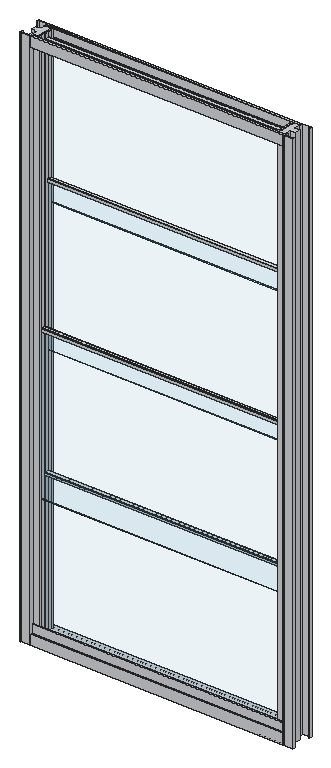
Revit family "ProVista™ Sashless Double Hung Window- FSFS SFSF FSSF", category Windows, host Wall, Revit 2021
Family settings
  Host = Wall
  OmniClass Number = 23.30.20.00
  OmniClass Title = Windows
  Always vertical = Yes
  Cut with Voids When Loaded = No
  Shared = No
  Room Calculation Point = No
Parameters (values of type "FSSF")
  YEAR = "2022"  # constant formula
  X1 = 100 mm  # constant formula
  Width = 0 mm  # constant formula
  URL = "https://www.alspec.com.au/provista-sashless-double-hung-window"
  TOLERANCE = 0 mm  # constant formula
  SINGLE GLAZED THICKNESS = 6 mm  # constant formula
  SFSF [instance] = yes
  Rough Width = 0 mm  # constant formula
  Rough Height = 0 mm  # constant formula
  Overall Width [instance] = 1200 mm
  Overall Height [instance] = 2400 mm
  Offset [instance] = 0 mm
  Model = "ProVista™ Sashless Double Hung Window- FSFS SFSF FSSF "  # constant formula
  Manufacturer = "ALSPEC"
  Height = 0 mm  # constant formula
  Glazing Material [instance] = Glass
  Frame Material [instance] = none
  FSSF [instance] = yes
  FSFS [instance] = yes
  FRAME THICKNESS = 101.6 mm  # constant formula
  Default Sill Height = 900 mm
  Wall Closure = By host
  CREATOR = "Viraj Mhatre"  # constant formula
  COMPANY = "ALSPEC"  # constant formula
  BOT PANEL POSITION = 51.5 mm  # constant formula
Reference planes
  plane 1 "Center (Front/Back)": y = 0
  plane 2 "Center (Left/Right)": x = 0
  plane 3 "Left": x = 0
  plane 4 "Right": x = 0
  plane 5 "Sill": z = 900
  plane 6 "Head": z = 900
  plane 7 "Exterior": y = 100
  plane 8 "Interior": y = -100
  plane 9: x = -600
  plane 10: x = 600
  plane 11: y = 100
  plane 12: z = 900
  plane 13: z = 951.5
  plane 14: y = -1.6
  plane 15: y = 74.53
  plane 16: x = -533.506
  plane 17: x = -555.5
  plane 18: x = 533.506
  plane 19: x = 555.5
  plane 20: z = 3300
  plane 21: z = 3246.5
  plane 22 "Panel 2": y = 56.45
  plane 23: y = 38.85
  plane 24: y = 21.25
  plane 25: z = 2672.75
  plane 26: z = 2099
  plane 27: z = 1525.25
  plane 28: z = 2722.75
  plane 29: z = 2622.75
  plane 30: z = 2149
  plane 31: z = 2049
  plane 32: z = 1575.25
  plane 33: z = 1475.25
  plane 34: z = 2984.625
  plane 35: z = 2385.875
  plane 36: z = 1812.125
  plane 37: z = 1213.375
Forms (mm)
  Sweep 1, solid, material <- "Frame Material"
    path origin (-2077.482, 74.53, 1000) x (-1, 0, 0) y (0, 0, 1)
      loop
        line (-1477.482, -100) -> (-1477.482, 2300)
    profile "PV_JAMB FRAME_4 PANELS : JAMB FRAME" origin (-600, 74.53, 2100) x (1, 0, 0) y (0, 1, 0)
      loop
        line (0, -76.09) -> (44.5, -76.09) -> (44.5, -63.76) -> (76.465, -63.76) -> (76.465, -56.315) -> (66.494, -56.489) -> (66.494, -49.983) -> (76.465, -50.157) -> (76.465, -38.719) -> (66.504, -38.893) -> (66.504, -32.386) -> (76.465, -32.56) -> (76.465, -20.637) -> (66.504, -20.811) -> (66.504, -14.304) -> (76.465, -14.478) -> (76.465, -3.034) -> (66.5, -3.208) -> (66.5, 3.299) -> (76.465, 3.125) -> (76.465, 9.977) -> (44.5, 9.977) -> (44.5, 25.51) -> (0, 25.51) -> (0, 16.76) -> (3, 16.76) -> (3, 23.66) -> (42.3, 23.66) -> (42.3, 16.655) -> (37.206, 16.655) -> (37.206, 8.965) -> (42.5, 8.965) -> (42.5, -11.354) -> (17.9, -14.374) -> (17.9, -36.206) -> (42.5, -39.226) -> (42.5, -59.545) -> (37.206, -59.545) -> (37.206, -67.228) -> (42.3, -67.228) -> (42.3, -74.24) -> (3, -74.24) -> (3, -67.34) -> (0, -67.34) -> (0, -76.09)
  Sweep 2, solid, material <- "Frame Material"
    path origin (-2077.482, 74.53, 1000) x (-1, 0, 0) y (0, 0, 1)
      loop
        line (-2677.482, -100) -> (-2677.482, 2300)
    profile "PV_JAMB FRAME_4 PANELS : JAMB FRAME" origin (600, 74.53, 2100) x (1, 0, 0) y (0, 1, 0)
      loop
        line (0, -76.09) -> (0, -67.34) -> (-3, -67.34) -> (-3, -74.24) -> (-42.3, -74.24) -> (-42.3, -67.228) -> (-37.206, -67.228) -> (-37.206, -59.545) -> (-42.5, -59.545) -> (-42.5, -39.226) -> (-17.9, -36.206) -> (-17.9, -14.374) -> (-42.5, -11.354) -> (-42.5, 8.965) -> (-37.206, 8.965) -> (-37.206, 16.655) -> (-42.3, 16.655) -> (-42.3, 23.66) -> (-3, 23.66) -> (-3, 16.76) -> (0, 16.76) -> (0, 25.51) -> (-44.5, 25.51) -> (-44.5, 9.977) -> (-76.465, 9.977) -> (-76.465, 3.125) -> (-66.5, 3.299) -> (-66.5, -3.208) -> (-76.465, -3.034) -> (-76.465, -14.478) -> (-66.504, -14.304) -> (-66.504, -20.811) -> (-76.465, -20.637) -> (-76.465, -32.56) -> (-66.504, -32.386) -> (-66.504, -38.893) -> (-76.465, -38.719) -> (-76.465, -50.157) -> (-66.494, -49.983) -> (-66.494, -56.489) -> (-76.465, -56.315) -> (-76.465, -63.76) -> (-44.5, -63.76) -> (-44.5, -76.09) -> (0, -76.09)
  Sweep 3, solid, material <- "Frame Material"
    path origin (-172.583, 264.351, 3300) x (0, 1, 0) y (-1, 0, 0)
      loop
        line (-189.821, 382.917) -> (-189.821, -728.083)
    profile "PV_HEAD FRAME : HEAD FRAME" origin (0, 74.53, 3300) x (0, 1, 0) y (0, 0, 1)
      loop
        line (25.5, -52) -> (25.5, 0) -> (16.75, 0) -> (16.75, -3) -> (23.65, -3) -> (23.65, -42.3) -> (16.638, -42.3) -> (16.638, -37.206) -> (8.955, -37.206) -> (8.955, -42.5) -> (-11.364, -42.5) -> (-14.19, -19.481)
        arc (-14.19, -19.481) -> (-14.784, -18.352) -> (-15.977, -17.9) r 1.8
        line (-15.977, -17.9) -> (-34.623, -17.9)
        arc (-34.623, -17.9) -> (-35.816, -18.352) -> (-36.41, -19.481) r 1.8
        line (-36.41, -19.481) -> (-39.236, -42.5) -> (-59.555, -42.5) -> (-59.555, -37.206) -> (-67.245, -37.206) -> (-67.245, -42.3) -> (-74.25, -42.3) -> (-74.25, -3) -> (-67.35, -3) -> (-67.35, 0) -> (-76.1, 0) -> (-76.1, -44.5) -> (-30.5, -44.5) -> (-30.5, -73.5) -> (-8.595, -73.5) -> (-8.595, -65.5) -> (-10.595, -65.5) -> (-10.595, -48.5) -> (9.205, -48.5) -> (9.205, -65.5) -> (7.705, -65.5) -> (7.705, -74.504) -> (10.705, -74.504) -> (10.705, -46) -> (24.3, -46) -> (24.3, -52) -> (25.5, -52)
  Sweep 4, solid, material <- "Frame Material"
    path origin (894.648, 265, 900) x (1, 0, 0) y (0, 1, 0)
      loop
        line (-1450.148, -190.47) -> (-339.148, -190.47)
    profile "PV_SILL FRAME_3_4 PANELS : SILL FRAME" origin (0, 74.53, 900) x (0, 1, 0) y (0, 0, 1)
      loop
        line (25.5, 44.5) -> (-28.235, 44.5) -> (-28.235, 46.5) -> (-68.04, 46.5) -> (-68.04, 71.3) -> (-65.74, 71.3) -> (-65.74, 82.5) -> (-69.44, 82.5) -> (-69.44, 44.5) -> (-76.1, 44.5) -> (-76.1, 0) -> (-67.35, 0) -> (-67.35, 3) -> (-74.25, 3) -> (-74.25, 42.3) -> (-67.25, 42.3) -> (-67.25, 37.206) -> (-59.55, 37.206) -> (-59.55, 42.5) -> (-39.236, 42.5) -> (-36.216, 17.9) -> (-14.384, 17.9) -> (-11.364, 42.5) -> (8.95, 42.5) -> (8.95, 37.206) -> (16.65, 37.206) -> (16.65, 42.3) -> (23.65, 42.3) -> (23.65, 3) -> (16.75, 3) -> (16.75, 0) -> (25.5, 0) -> (25.5, 44.5)
Lines and regions (mm)
  Opening 1
    outline origin (3500, -100, 0) x (1, 0, 0) y (0, 0, 1)
      loop
        line (-3500, 900) -> (-3500, 900)
      loop
        line (-3500, 900) -> (-3500, 900)
      loop
        line (-3500, 900) -> (-3500, 900)
      loop
        line (-3500, 900) -> (-3500, 900)
  Opening 2
    outline origin (-5000, -100, 0) x (1, 0, 0) y (0, 0, 1)
      loop
        line (5600, 3300) -> (4400, 3300) -> (4400, 900) -> (5600, 900) -> (5600, 3300)
Text (mm)
  text "EXTERIOR" at (-1963.203, 1332.353, 0), in view "Ref. Level"
  text "INTERIOR" at (-1981.466, -818.386, 0), in view "Ref. Level"
  text "Exterior" at (0, 923.751, 2943.296), in view "Right"
  text "Exterior" at (0, 1040.484, 2685.409), in view "Left"
Dimensions and locks
  equal spacing: plane 3 "Left", plane 2 "Center (Left/Right)", plane 4 "Right"
  "Rough Width": plane 3 "Left" to plane 4 "Right"
  "Rough Height": plane 5 "Sill" to plane 6 "Head"
  "Default Sill Height": plane 5 "Sill" to level
  locked: plane 7 "Exterior" to host wall
  locked: plane 8 "Interior" to host wall
  "Offset": plane 11 to plane 7 "Exterior"
  equal spacing: plane 9, plane 2 "Center (Left/Right)", plane 10
  "Overall Width": plane 9 to plane 10
  "BOT PANEL POSITION": plane 12 to plane 13
  "FRAME THICKNESS": plane 11 to plane 14
  locked: plane 9 to plane 17 at 44.5
  locked: plane 19 to plane 10 at 44.5
  locked: plane 17 to plane 16 at 21.994
  locked: plane 18 to plane 19 at 21.994
  locked: plane 11 to plane 15 at 25.47
  "TOLERANCE": plane 5 "Sill" to plane 12
  locked: plane 20 to plane 21 at 53.5
  locked: plane 15 to plane 22 "Panel 2" at 18.08
  locked: plane 22 "Panel 2" to plane 23 at 17.6
  locked: plane 23 to plane 24 at 17.6
  equal spacing: plane 13, plane 27, plane 26, plane 25, plane 21
  "X1": plane 29 to plane 28
  "X1": plane 31 to plane 30
  "X1": plane 33 to plane 32
  equal spacing: plane 29, plane 25, plane 28
  equal spacing: plane 31, plane 26, plane 30
  equal spacing: plane 33, plane 27, plane 32
  "Overall Height": plane 6 "Head" to plane 20
  equal spacing: plane 28, plane 34, plane 21
  equal spacing: plane 30, plane 35, plane 29
  equal spacing: plane 32, plane 36, plane 31
  equal spacing: plane 13, plane 37, plane 33
  aligned and locked: Sweep 1 sketch curve to plane 9
  aligned and locked: plane 12 to Sweep 1 sketch curve
  aligned and locked: plane 20 to Sweep 1 sketch curve
  aligned and locked: nested 1 to plane 15
  aligned and locked: Sweep 2 sketch curve to plane 10
  aligned and locked: plane 20 to Sweep 2 sketch curve
  aligned and locked: plane 12 to Sweep 2 sketch curve
  aligned and locked: Sweep 3 sketch curve to plane 15
  aligned and locked: plane 17 to Sweep 3 sketch curve
  aligned and locked: plane 19 to Sweep 3 sketch curve
  aligned and locked: Sweep 4 sketch curve to plane 15
  aligned and locked: nested 3 to plane 20
  aligned and locked: plane 15 to nested 3
  aligned and locked: nested 4 to plane 12
  aligned and locked: nested 4 to plane 15
  aligned and locked: nested 5 to plane 15
  aligned and locked: plane 9 to nested 5
  aligned and locked: plane 15 to nested 6
  aligned and locked: plane 10 to nested 6
  aligned and locked: nested 9 to plane 22 "Panel 2"
  aligned and locked: nested 2 to plane 24
  aligned and locked: nested 11 to plane 23
  aligned and locked: plane 20 to Opening 2 sketch curve
  aligned and locked: plane 10 to Opening 2 sketch curve
  aligned and locked: plane 5 "Sill" to Opening 2 sketch curve
  aligned and locked: Opening 2 sketch curve to plane 9
  aligned and locked: plane 13 to nested 11
  aligned and locked: plane 32 to nested 11
  aligned and locked: plane 33 to nested 2
  aligned and locked: plane 30 to nested 2
  aligned and locked: plane 31 to nested 9
  aligned and locked: plane 28 to nested 9
  aligned and locked: plane 29 to nested 1
  aligned and locked: plane 21 to nested 1
  aligned and locked: plane 18 to nested 2
  aligned and locked: plane 16 to nested 2
  aligned and locked: plane 16 to nested 11
  aligned and locked: plane 18 to nested 11
  aligned and locked: plane 16 to nested 1
  aligned and locked: plane 16 to nested 9
  aligned and locked: plane 18 to nested 9
  aligned and locked: plane 18 to nested 1
  aligned and locked: nested 10 to plane 34
  aligned and locked: nested 8 to plane 35
  aligned and locked: nested 12 to plane 36
  aligned and locked: plane 37 to nested 7
  aligned and locked: plane 4 "Right" to nested 10
  aligned and locked: nested 8 to plane 4 "Right"
  aligned and locked: plane 4 "Right" to nested 12
  aligned and locked: plane 4 "Right" to nested 7
  aligned and locked: nested 14 to plane 34
  aligned and locked: plane 36 to nested 13
  aligned and locked: nested 16 to plane 37
  aligned and locked: nested 14 to plane 4 "Right"
  aligned and locked: plane 4 "Right" to nested 15
  aligned and locked: plane 4 "Right" to nested 13
  aligned and locked: plane 4 "Right" to nested 16
  aligned and locked: nested 19 to plane 34
  aligned and locked: nested 18 to plane 35
  aligned and locked: plane 36 to nested 17
  aligned and locked: nested 20 to plane 37
  aligned and locked: plane 4 "Right" to nested 20
  aligned and locked: plane 4 "Right" to nested 17
  aligned and locked: nested 18 to plane 4 "Right"
  aligned and locked: plane 4 "Right" to nested 19
Automatic sketch dimensions
  Opening 1 sketch curve to plane 3 "Left" = 0 mm
  Opening 1 sketch curve to plane 4 "Right" = 0 mm
  Opening 1 sketch curve to plane 5 "Sill" = 0 mm
  Opening 1 sketch curve to plane 6 "Head" = 0 mm
  Sweep 4 sketch curve to plane 17 = 0 mm
  Sweep 4 sketch curve to plane 19 = 0 mm
Nested families
  nested 1: "PV_SLIDING_GLAZED PANEL" at (0, 74.53, 2622.75), type "SLIDING_GLAZED PANEL"
    with PANEL WIDTH 1067.012 mm, PANEL HEIGHT 623.75 mm, LAP SEAL no, GLAZED WIDTH 1067.012 mm
  nested 2: "PV_SLIDING_GLAZED PANEL" at (0, 21.25, 1475.25), type "SLIDING_GLAZED PANEL"
    with PANEL WIDTH 1067.012 mm, PANEL HEIGHT 673.75 mm, LAP SEAL yes, GLAZED WIDTH 1067.012 mm
  nested 3: "DETAIL_PV_HEAD FRAME_ 4 PANELS" at (0, 74.53, 3300) x (0, -1, 0) z (-1, 0, 0), type "HEAD FRAME"
  nested 4: "DETAIL_PV_SILL FRAME_3_4 PANELS" at (0, 74.53, 900) x (0, -1, 0) z (-1, 0, 0), type "SILL FRAME"
  nested 5: "DETAIL_PV_JAMB FRAME_4 PANELS" at (-600, 74.53, 3300), type "JAMB FRAME"
  nested 6: "DETAIL_PV_JAMB FRAME_4 PANELS" at (600, 74.53, 3300) x (-1, 0, 0) z (0, 0, 1), type "JAMB FRAME"
  nested 7: "DETAIL_ARROW" at (0, 100, 1213.375) x (0, 0, 1) z (0, 1, 0), visible <- "FSFS", type "DETAIL_ARROW"
  nested 8: "DETAIL_ARROW" at (0, 100, 2385.875) x (0, 0, -1) z (0, 1, 0), visible <- "FSFS", type "DETAIL_ARROW"
  nested 9: "PV_SLIDING_GLAZED PANEL" at (0, 56.45, 2049), type "SLIDING_GLAZED PANEL"
    with PANEL WIDTH 1067.012 mm, PANEL HEIGHT 673.75 mm, LAP SEAL yes, GLAZED WIDTH 1067.012 mm
  nested 10: "DETAIL_FIXDED" at (0, 100, 2984.625) x (-1, 0, 0) z (0, 1, 0), visible <- "FSFS", type "DETAIL_FIXDED"
  nested 11: "PV_SLIDING_GLAZED PANEL" at (0, 38.85, 951.5), type "SLIDING_GLAZED PANEL"
    with PANEL WIDTH 1067.012 mm, PANEL HEIGHT 623.75 mm, LAP SEAL yes, GLAZED WIDTH 1067.012 mm
  nested 12: "DETAIL_FIXDED" at (0, 100, 1812.125) x (-1, 0, 0) z (0, 1, 0), visible <- "FSFS", type "DETAIL_FIXDED"
  nested 13: "DETAIL_ARROW" at (0, 100, 1812.125) x (0, 0, 1) z (0, 1, 0), visible <- "SFSF", type "DETAIL_ARROW"
  nested 14: "DETAIL_ARROW" at (0, 100, 2984.625) x (0, 0, -1) z (0, 1, 0), visible <- "SFSF", type "DETAIL_ARROW"
  nested 15: "DETAIL_FIXDED" at (0, 100, 2385.875) x (-1, 0, 0) z (0, 1, 0), visible <- "SFSF", type "DETAIL_FIXDED"
  nested 16: "DETAIL_FIXDED" at (0, 100, 1213.375) x (-1, 0, 0) z (0, 1, 0), visible <- "SFSF", type "DETAIL_FIXDED"
  nested 17: "DETAIL_ARROW" at (0, 100, 1812.125) x (0, 0, 1) z (0, 1, 0), visible <- "FSSF", type "DETAIL_ARROW"
  nested 18: "DETAIL_ARROW" at (0, 100, 2385.875) x (0, 0, -1) z (0, 1, 0), visible <- "FSSF", type "DETAIL_ARROW"
  nested 19: "DETAIL_FIXDED" at (0, 100, 2984.625) x (-1, 0, 0) z (0, 1, 0), visible <- "FSSF", type "DETAIL_FIXDED"
  nested 20: "DETAIL_FIXDED" at (0, 100, 1213.375) x (-1, 0, 0) z (0, 1, 0), visible <- "FSSF", type "DETAIL_FIXDED"
Definition of nested family "PV_SLIDING_GLAZED PANEL"
  Parameters (values of type "SLIDING_GLAZED PANEL")
    YEAR = "2022"  # constant formula
    TODAYS DATE = "27/05/2022"  # constant formula
    SINGLE GLAZED THICKNESS = 6 mm
    PANEL WIDTH [instance] = 1067 mm
    PANEL HEIGHT [instance] = 548.5 mm
    LAP SEAL [instance] = no
    JAMP WIDTH = 0 mm  # constant formula
    HEAD_JAMP HEIGHT = 0 mm  # constant formula
    GLAZED WIDTH [instance] = 1067 mm
    GLAZED RAIL MATERIAL = none
    GLAZED MATERIAL = none
    Define Thermal Properties by = 1
    Default Elevation = 1219.2 mm
    CREATOR = "Viraj Mhatre"  # constant formula
    COMPANY = "ALSPEC"  # constant formula
    BOTTOM_JAMP HEIGHT = 0 mm  # constant formula
    Analytic Construction = "<None>"
    AIR POCKET = 5 mm
    A = 0 mm
  Reference planes
    plane 1 "Center (Front/Back)": y = 0
    plane 2: z = 0
    plane 3 "Center (Left/Right)": x = 0
    plane 4: x = -533.5
    plane 5: x = 533.5
    plane 6: x = -533.5
    plane 7: x = 533.5
    plane 8: z = 548.5
    plane 9: z = 548.5
    plane 10: z = 0
    plane 11: z = 274.25
    plane 12: x = -533.5
    plane 13: x = 533.5
    plane 14: z = 0
    plane 15: z = 548.5
  Forms (mm)
    Extrusion 1, solid, material <- "GLAZED MATERIAL"
      sketch origin (0, 0, 0) x (1, 0, 0) y (0, 1, 0)
        loop
          line (-533.5, 3) -> (-533.5, -3) -> (533.5, -3) -> (533.5, 3) -> (-533.5, 3)
      from 0 to 548.5
    Sweep 2, solid, visible <- "LAP SEAL"
      path origin (-1239.886, -1524, 548.5) x (-1, 0, 0) y (0, -1, 0)
        loop
          line (-706.386, -1524) -> (-1773.386, -1524)
      profile "PV_SGL_LAP SEAL : LAP SEAL" origin (0, 0, 548.5) x (0, 1, 0) y (0, 0, 1)
        loop
          arc (-3.238, -0.403) -> (0.002, 0) -> (3.211, -0.598) r 10.646
          line (3.211, -0.598) -> (3.211, -9.48) -> (4.611, -9.48) -> (4.611, 0.333) -> (9.538, 0.924) -> (10.477, -5.757) -> (14.042, -5.256) -> (12.89, 2.937) -> (0.778, 1.485)
          arc (0.778, 1.485) -> (-1.975, 1.29) -> (-4.639, 0.566) r 14.199
          line (-4.639, 0.566) -> (-4.639, -9.48) -> (-3.238, -9.48) -> (-3.238, -0.403)
  Dimensions and locks
    equal spacing: plane 4, plane 3 "Center (Left/Right)", plane 5
    "PANEL WIDTH": plane 4 to plane 5
    "PANEL HEIGHT": plane 8 to plane 2
    equal spacing: Extrusion 1 sketch curve, plane 1 "Center (Front/Back)", Extrusion 1 sketch curve
    "SINGLE GLAZED THICKNESS": Extrusion 1 sketch curve to Extrusion 1 sketch curve
    equal spacing: plane 8, plane 11, plane 2
    "JAMP WIDTH": plane 4 to plane 12
    "JAMP WIDTH": plane 13 to plane 5
    "HEAD_JAMP HEIGHT": plane 8 to plane 9
    "A": plane 13 to plane 7
    "BOTTOM_JAMP HEIGHT": plane 2 to plane 10
    "A": plane 6 to plane 12
    "A": plane 10 to plane 14
    "A": plane 15 to plane 9
    "GLAZED WIDTH": plane 6 to plane 7
    aligned and locked: level to plane 2
    aligned and locked: plane 6 to Extrusion 1 sketch curve
    aligned and locked: Extrusion 1 sketch curve to plane 7
    aligned and locked: plane 15 to Extrusion 1
    aligned and locked: Extrusion 1 to plane 14
    aligned and locked: plane 12 to Sweep 2 sketch curve
    aligned and locked: plane 13 to Sweep 2 sketch curve
  Automatic sketch dimensions
    plane 1 "Center (Front/Back)" to Sweep 2 sketch curve = 0 mm
Definition of nested family "DETAIL_PV_HEAD FRAME_ 4 PANELS"
  Reference planes
    plane 1 "Center (Front/Back)": y = 0
    plane 2: z = 0
    plane 3 "Center (Left/Right)": x = 0
  Lines and regions (mm)
    Masking region 1, in view "Ref. Level", detail levels coarse
      outline origin (21.3, 0, 0) x (1, 0, 0) y (0, 1, 0)
        loop
          line (-46.8, -52) -> (-45.6, -52) -> (-45.6, -46) -> (-32.005, -46) -> (-32.005, -74.504) -> (-29.005, -74.504) -> (-29.005, -65.5) -> (-30.505, -65.5) -> (-30.505, -48.5) -> (-10.705, -48.5) -> (-10.705, -65.5) -> (-12.705, -65.5) -> (-12.705, -73.5) -> (9.2, -73.5) -> (9.2, -44.5) -> (54.8, -44.5) -> (54.8, 0) -> (-46.8, 0) -> (-46.8, -52)
    detail lines, in view "Ref. Level", detail levels medium
      curve 1: line (-25.5, -52, 0) -> (-25.5, 0, 0)
      curve 2: line (-25.5, -52, 0) -> (-24.3, -52, 0)
      curve 3: line (-24.3, -52, 0) -> (-24.3, -46, 0)
      curve 4: line (-24.3, -46, 0) -> (-10.705, -46, 0)
      curve 5: line (-10.705, -74.504, 0) -> (-10.705, -46, 0)
      curve 6: line (-10.705, -74.504, 0) -> (-7.705, -74.504, 0)
      curve 7: line (-7.705, -65.5, 0) -> (-7.705, -74.504, 0)
      curve 8: line (-9.205, -65.5, 0) -> (-7.705, -65.5, 0)
      curve 9: line (-9.205, -48.5, 0) -> (-9.205, -65.5, 0)
      curve 10: line (10.595, -48.5, 0) -> (-9.205, -48.5, 0)
      curve 11: line (10.595, -65.5, 0) -> (10.595, -48.5, 0)
      curve 12: line (10.595, -65.5, 0) -> (8.595, -65.5, 0)
      curve 13: line (8.595, -73.5, 0) -> (8.595, -65.5, 0)
      curve 14: line (30.5, -73.5, 0) -> (8.595, -73.5, 0)
      curve 15: line (30.5, -44.5, 0) -> (30.5, -73.5, 0)
      curve 16: line (76.1, -44.5, 0) -> (30.5, -44.5, 0)
      curve 17: line (76.1, 0, 0) -> (76.1, -44.5, 0)
      curve 18: line (76.1, 0, 0) -> (67.35, 0, 0)
      curve 19: line (67.35, -3, 0) -> (67.35, 0, 0)
      curve 20: line (74.25, -3, 0) -> (67.35, -3, 0)
      curve 21: line (74.25, -42.3, 0) -> (74.25, -3, 0)
      curve 22: line (-25.5, 0, 0) -> (-16.75, 0, 0)
      curve 23: line (-16.75, -3, 0) -> (-16.75, 0, 0)
      curve 24: line (-16.75, -3, 0) -> (-23.65, -3, 0)
      curve 25: line (-23.65, -3, 0) -> (-23.65, -42.3, 0)
      curve 26: line (-23.65, -42.3, 0) -> (-16.638, -42.3, 0)
      curve 27: line (-16.638, -37.206, 0) -> (-16.638, -42.3, 0)
      curve 28: line (-8.955, -37.206, 0) -> (-8.955, -42.5, 0)
      curve 29: line (-16.638, -37.206, 0) -> (-8.955, -37.206, 0)
      curve 30: line (11.364, -42.5, 0) -> (14.19, -19.481, 0)
      curve 31: arc (15.977, -17.9, 0) -> (14.784, -18.352, 0) -> (14.19, -19.481, 0) r 1.8
      curve 32: line (15.977, -17.9, 0) -> (34.623, -17.9, 0)
      curve 33: line (36.41, -19.481, 0) -> (39.236, -42.5, 0)
      curve 34: line (67.245, -42.3, 0) -> (74.25, -42.3, 0)
      curve 35: line (59.555, -42.5, 0) -> (59.555, -37.206, 0)
      curve 36: line (67.245, -42.3, 0) -> (67.245, -37.206, 0)
      curve 37: line (59.555, -37.206, 0) -> (67.245, -37.206, 0)
      curve 38: line (39.236, -42.5, 0) -> (59.555, -42.5, 0)
      curve 39: line (-8.955, -42.5, 0) -> (11.364, -42.5, 0)
      curve 40: arc (36.41, -19.481, 0) -> (35.816, -18.352, 0) -> (34.623, -17.9, 0) r 1.8
    detail lines, in view "Ref. Level", not visible, detail levels medium
      curve 41: line (-46.8, -52, 0) -> (-46.8, 0, 0)
      curve 42: line (-46.8, -52, 0) -> (-45.6, -52, 0)
      curve 43: line (-45.6, -52, 0) -> (-45.6, -46, 0)
      curve 44: line (-45.6, -46, 0) -> (-32.005, -46, 0)
      curve 45: line (-32.005, -74.504, 0) -> (-32.005, -46, 0)
      curve 46: line (-32.005, -74.504, 0) -> (-29.005, -74.504, 0)
      curve 47: line (-29.005, -65.5, 0) -> (-29.005, -74.504, 0)
      curve 48: line (-30.505, -65.5, 0) -> (-29.005, -65.5, 0)
      curve 49: line (-30.505, -48.5, 0) -> (-30.505, -65.5, 0)
      curve 50: line (-10.705, -48.5, 0) -> (-30.505, -48.5, 0)
      curve 51: line (-10.705, -65.5, 0) -> (-10.705, -48.5, 0)
      curve 52: line (-10.705, -65.5, 0) -> (-12.705, -65.5, 0)
      curve 53: line (-12.705, -73.5, 0) -> (-12.705, -65.5, 0)
      curve 54: line (9.2, -73.5, 0) -> (-12.705, -73.5, 0)
      curve 55: line (9.2, -44.5, 0) -> (9.2, -73.5, 0)
      curve 56: line (54.8, -44.5, 0) -> (9.2, -44.5, 0)
      curve 57: line (54.8, 0, 0) -> (54.8, -44.5, 0)
      curve 58: line (54.8, 0, 0) -> (46.05, 0, 0)
      curve 59: line (46.05, -3, 0) -> (46.05, 0, 0)
      curve 60: line (52.95, -3, 0) -> (46.05, -3, 0)
      curve 61: line (52.95, -42.3, 0) -> (52.95, -3, 0)
      curve 62: line (-46.8, 0, 0) -> (-38.05, 0, 0)
      curve 63: line (-38.05, -3, 0) -> (-38.05, 0, 0)
      curve 64: line (-38.05, -3, 0) -> (-44.95, -3, 0)
      curve 65: line (-44.95, -3, 0) -> (-44.95, -42.3, 0)
      curve 66: line (-44.95, -42.3, 0) -> (-37.938, -42.3, 0)
      curve 67: line (-37.938, -37.206, 0) -> (-37.938, -42.3, 0)
      curve 68: line (-30.255, -37.206, 0) -> (-30.255, -42.5, 0)
      curve 69: line (-37.938, -37.206, 0) -> (-30.255, -37.206, 0)
      curve 70: line (-9.936, -42.5, 0) -> (-7.11, -19.481, 0)
      curve 71: arc (-5.323, -17.9, 0) -> (-6.516, -18.352, 0) -> (-7.11, -19.481, 0) r 1.8
      curve 72: line (-5.323, -17.9, 0) -> (13.323, -17.9, 0)
      curve 73: line (15.11, -19.481, 0) -> (17.936, -42.5, 0)
      curve 74: line (45.945, -42.3, 0) -> (52.95, -42.3, 0)
      curve 75: line (38.255, -42.5, 0) -> (38.255, -37.206, 0)
      curve 76: line (45.945, -42.3, 0) -> (45.945, -37.206, 0)
      curve 77: line (38.255, -37.206, 0) -> (45.945, -37.206, 0)
      curve 78: line (17.936, -42.5, 0) -> (38.255, -42.5, 0)
      curve 79: line (-30.255, -42.5, 0) -> (-9.936, -42.5, 0)
      curve 80: arc (15.11, -19.481, 0) -> (14.516, -18.352, 0) -> (13.323, -17.9, 0) r 1.8
Definition of nested family "DETAIL_PV_SILL FRAME_3_4 PANELS"
  Reference planes
    plane 1 "Center (Front/Back)": y = 0
    plane 2: z = 0
    plane 3 "Center (Left/Right)": x = 0
  Lines and regions (mm)
    Masking region 1, in view "Ref. Level", detail levels coarse
      outline origin (21.3, 0, 0) x (1, 0, 0) y (0, 1, 0)
        loop
          line (-46.8, 44.5) -> (-46.8, 0) -> (54.8, 0) -> (54.8, 44.5) -> (48.141, 44.5) -> (48.141, 82.5) -> (44.441, 82.5) -> (44.441, 71.3) -> (46.741, 71.3) -> (46.741, 46.5) -> (6.937, 46.5) -> (6.937, 44.5) -> (-46.8, 44.5)
    detail lines, in view "Ref. Level", detail levels medium
      curve 1: line (-25.5, 44.5, 0) -> (-25.5, 0, 0)
      curve 2: line (28.237, 44.5, 0) -> (-25.5, 44.5, 0)
      curve 3: line (28.237, 46.5, 0) -> (28.237, 44.5, 0)
      curve 4: line (68.041, 46.5, 0) -> (28.237, 46.5, 0)
      curve 5: line (68.041, 71.3, 0) -> (68.041, 46.5, 0)
      curve 6: line (65.741, 71.3, 0) -> (68.041, 71.3, 0)
      curve 7: line (65.741, 82.5, 0) -> (65.741, 71.3, 0)
      curve 8: line (69.441, 82.5, 0) -> (65.741, 82.5, 0)
      curve 9: line (69.441, 44.5, 0) -> (69.441, 82.5, 0)
      curve 10: line (76.1, 44.5, 0) -> (69.441, 44.5, 0)
      curve 11: line (76.1, 0, 0) -> (76.1, 44.5, 0)
      curve 12: line (67.35, 3, 0) -> (67.35, 0, 0)
      curve 13: line (76.1, 0, 0) -> (67.35, 0, 0)
      curve 14: line (74.25, 3, 0) -> (67.35, 3, 0)
      curve 15: line (74.25, 42.3, 0) -> (74.25, 3, 0)
      curve 16: line (67.25, 42.3, 0) -> (74.25, 42.3, 0)
      curve 17: line (67.25, 42.3, 0) -> (67.25, 37.206, 0)
      curve 18: line (59.55, 42.5, 0) -> (59.55, 37.206, 0)
      curve 19: line (59.55, 37.206, 0) -> (67.25, 37.206, 0)
      curve 20: line (-8.95, 42.5, 0) -> (-8.95, 37.206, 0)
      curve 21: line (-16.65, 42.3, 0) -> (-16.65, 37.206, 0)
      curve 22: line (-16.65, 37.206, 0) -> (-8.95, 37.206, 0)
      curve 23: line (-16.75, 3, 0) -> (-16.75, 0, 0)
      curve 24: line (-25.5, 0, 0) -> (-16.75, 0, 0)
      curve 25: line (-16.75, 3, 0) -> (-23.65, 3, 0)
      curve 26: line (-23.65, 3, 0) -> (-23.65, 42.3, 0)
      curve 27: line (-23.65, 42.3, 0) -> (-16.65, 42.3, 0)
      curve 28: line (-8.95, 42.5, 0) -> (11.364, 42.5, 0)
      curve 29: line (11.364, 42.5, 0) -> (14.384, 17.9, 0)
      curve 30: line (14.384, 17.9, 0) -> (36.216, 17.9, 0)
      curve 31: line (36.216, 17.9, 0) -> (39.236, 42.5, 0)
      curve 32: line (39.236, 42.5, 0) -> (59.55, 42.5, 0)
    detail lines, in view "Ref. Level", not visible, detail levels medium
      curve 33: line (-46.8, 44.5, 0) -> (-46.8, 0, 0)
      curve 34: line (6.937, 44.5, 0) -> (-46.8, 44.5, 0)
      curve 35: line (6.937, 46.5, 0) -> (6.937, 44.5, 0)
      curve 36: line (46.741, 46.5, 0) -> (6.937, 46.5, 0)
      curve 37: line (46.741, 71.3, 0) -> (46.741, 46.5, 0)
      curve 38: line (44.441, 71.3, 0) -> (46.741, 71.3, 0)
      curve 39: line (44.441, 82.5, 0) -> (44.441, 71.3, 0)
      curve 40: line (48.141, 82.5, 0) -> (44.441, 82.5, 0)
      curve 41: line (48.141, 44.5, 0) -> (48.141, 82.5, 0)
      curve 42: line (54.8, 44.5, 0) -> (48.141, 44.5, 0)
      curve 43: line (54.8, 0, 0) -> (54.8, 44.5, 0)
      curve 44: line (46.05, 3, 0) -> (46.05, 0, 0)
      curve 45: line (54.8, 0, 0) -> (46.05, 0, 0)
      curve 46: line (52.95, 3, 0) -> (46.05, 3, 0)
      curve 47: line (52.95, 42.3, 0) -> (52.95, 3, 0)
      curve 48: line (45.95, 42.3, 0) -> (52.95, 42.3, 0)
      curve 49: line (45.95, 42.3, 0) -> (45.95, 37.206, 0)
      curve 50: line (38.25, 42.5, 0) -> (38.25, 37.206, 0)
      curve 51: line (38.25, 37.206, 0) -> (45.95, 37.206, 0)
      curve 52: line (-30.25, 42.5, 0) -> (-30.25, 37.206, 0)
      curve 53: line (-37.95, 42.3, 0) -> (-37.95, 37.206, 0)
      curve 54: line (-37.95, 37.206, 0) -> (-30.25, 37.206, 0)
      curve 55: line (-38.05, 3, 0) -> (-38.05, 0, 0)
      curve 56: line (-46.8, 0, 0) -> (-38.05, 0, 0)
      curve 57: line (-38.05, 3, 0) -> (-44.95, 3, 0)
      curve 58: line (-44.95, 3, 0) -> (-44.95, 42.3, 0)
      curve 59: line (-44.95, 42.3, 0) -> (-37.95, 42.3, 0)
      curve 60: line (-30.25, 42.5, 0) -> (-9.936, 42.5, 0)
      curve 61: line (-9.936, 42.5, 0) -> (-6.916, 17.9, 0)
      curve 62: line (-6.916, 17.9, 0) -> (14.916, 17.9, 0)
      curve 63: line (14.916, 17.9, 0) -> (17.936, 42.5, 0)
      curve 64: line (17.936, 42.5, 0) -> (38.25, 42.5, 0)
Definition of nested family "DETAIL_PV_JAMB FRAME_4 PANELS"
  Reference planes
    plane 1 "Center (Front/Back)": y = 0
    plane 2: z = 0
    plane 3 "Center (Left/Right)": x = 0
  Lines and regions (mm)
    Masking region 1, in view "Ref. Level", detail levels coarse
      outline origin (0, -21.3, 0) x (1, 0, 0) y (0, 1, 0)
        loop
          line (44.5, 46.81) -> (0, 46.81) -> (0, -54.79) -> (44.5, -54.79) -> (44.5, -42.46) -> (76.465, -42.46) -> (76.465, -35.015) -> (66.494, -35.189) -> (66.494, -28.683) -> (76.465, -28.857) -> (76.465, -17.419) -> (66.504, -17.593) -> (66.504, -11.086) -> (76.465, -11.26) -> (76.465, 0.663) -> (66.504, 0.489) -> (66.504, 6.996) -> (76.465, 6.822) -> (76.465, 18.266) -> (66.5, 18.092) -> (66.5, 24.599) -> (76.465, 24.425) -> (76.465, 31.277) -> (44.5, 31.277) -> (44.5, 46.81)
    detail lines, in view "Ref. Level", detail levels medium
      curve 1: line (0, -76.09, 0) -> (44.5, -76.09, 0)
      curve 2: line (44.5, -76.09, 0) -> (44.5, -63.76, 0)
      curve 3: line (76.465, -50.157, 0) -> (76.465, -38.719, 0)
      curve 4: line (76.465, -38.719, 0) -> (66.504, -38.893, 0)
      curve 5: line (66.504, -38.893, 0) -> (66.504, -32.386, 0)
      curve 6: line (66.504, -32.386, 0) -> (76.465, -32.56, 0)
      curve 7: line (76.465, -32.56, 0) -> (76.465, -20.637, 0)
      curve 8: line (66.504, -20.811, 0) -> (76.465, -20.637, 0)
      curve 9: line (66.504, -14.304, 0) -> (66.504, -20.811, 0)
      curve 10: line (76.465, -14.478, 0) -> (66.504, -14.304, 0)
      curve 11: line (76.465, -14.478, 0) -> (76.465, -3.034, 0)
      curve 12: line (44.5, 9.977, 0) -> (44.5, 25.51, 0)
      curve 13: line (44.5, 25.51, 0) -> (0, 25.51, 0)
      curve 14: line (3, 16.76, 0) -> (0, 16.76, 0)
      curve 15: line (0, 25.51, 0) -> (0, 16.76, 0)
      curve 16: line (3, 16.76, 0) -> (3, 23.66, 0)
      curve 17: line (3, 23.66, 0) -> (42.3, 23.66, 0)
      curve 18: line (42.3, 23.66, 0) -> (42.3, 16.655, 0)
      curve 19: line (42.5, 8.965, 0) -> (42.5, -11.354, 0)
      curve 20: line (42.5, -11.354, 0) -> (17.9, -14.374, 0)
      curve 21: line (17.9, -14.374, 0) -> (17.9, -36.206, 0)
      curve 22: line (17.9, -36.206, 0) -> (42.5, -39.226, 0)
      curve 23: line (42.5, -39.226, 0) -> (42.5, -59.545, 0)
      curve 24: line (42.3, -67.228, 0) -> (42.3, -74.24, 0)
      curve 25: line (42.3, -74.24, 0) -> (3, -74.24, 0)
      curve 26: line (3, -74.24, 0) -> (3, -67.34, 0)
      curve 27: line (3, -67.34, 0) -> (0, -67.34, 0)
      curve 28: line (0, -67.34, 0) -> (0, -76.09, 0)
      curve 29: line (42.3, -67.228, 0) -> (37.206, -67.228, 0)
      curve 30: line (42.5, -59.545, 0) -> (37.206, -59.545, 0)
      curve 31: line (37.206, -59.545, 0) -> (37.206, -67.228, 0)
      curve 32: line (42.5, 8.965, 0) -> (37.206, 8.965, 0)
      curve 33: line (37.206, 8.965, 0) -> (37.206, 16.655, 0)
      curve 34: line (42.3, 16.655, 0) -> (37.206, 16.655, 0)
      curve 69: line (66.494, -49.983, 0) -> (76.465, -50.157, 0)
      curve 70: line (76.465, -56.315, 0) -> (66.494, -56.489, 0)
      curve 71: line (66.494, -56.489, 0) -> (66.494, -49.983, 0)
      curve 72: line (76.465, -56.315, 0) -> (76.465, -63.76, 0)
      curve 73: line (76.465, -63.76, 0) -> (44.5, -63.76, 0)
    detail lines, in view "Ref. Level", not visible, detail levels medium
      curve 35: line (0, -54.79, 0) -> (44.5, -54.79, 0)
      curve 36: line (44.5, -54.79, 0) -> (44.5, -42.46, 0)
      curve 37: line (76.465, -28.857, 0) -> (76.465, -17.419, 0)
      curve 38: line (76.465, -17.419, 0) -> (66.504, -17.593, 0)
      curve 39: line (66.504, -17.593, 0) -> (66.504, -11.086, 0)
      curve 40: line (66.504, -11.086, 0) -> (76.465, -11.26, 0)
      curve 41: line (76.465, -11.26, 0) -> (76.465, 0.663, 0)
      curve 42: line (66.504, 0.489, 0) -> (76.465, 0.663, 0)
      curve 43: line (66.504, 6.996, 0) -> (66.504, 0.489, 0)
      curve 44: line (76.465, 6.822, 0) -> (66.504, 6.996, 0)
      curve 45: line (76.465, 6.822, 0) -> (76.465, 18.266, 0)
      curve 46: line (44.5, 31.277, 0) -> (44.5, 46.81, 0)
      curve 47: line (44.5, 46.81, 0) -> (0, 46.81, 0)
      curve 48: line (3, 38.06, 0) -> (0, 38.06, 0)
      curve 49: line (0, 46.81, 0) -> (0, 38.06, 0)
      curve 50: line (3, 38.06, 0) -> (3, 44.96, 0)
      curve 51: line (3, 44.96, 0) -> (42.3, 44.96, 0)
      curve 52: line (42.3, 44.96, 0) -> (42.3, 37.955, 0)
      curve 53: line (42.5, 30.265, 0) -> (42.5, 9.946, 0)
      curve 54: line (42.5, 9.946, 0) -> (17.9, 6.926, 0)
      curve 55: line (17.9, 6.926, 0) -> (17.9, -14.906, 0)
      curve 56: line (17.9, -14.906, 0) -> (42.5, -17.926, 0)
      curve 57: line (42.5, -17.926, 0) -> (42.5, -38.245, 0)
      curve 58: line (42.3, -45.928, 0) -> (42.3, -52.94, 0)
      curve 59: line (42.3, -52.94, 0) -> (3, -52.94, 0)
      curve 60: line (3, -52.94, 0) -> (3, -46.04, 0)
      curve 61: line (3, -46.04, 0) -> (0, -46.04, 0)
      curve 62: line (0, -46.04, 0) -> (0, -54.79, 0)
      curve 63: line (42.3, -45.928, 0) -> (37.206, -45.928, 0)
      curve 64: line (42.5, -38.245, 0) -> (37.206, -38.245, 0)
      curve 65: line (37.206, -38.245, 0) -> (37.206, -45.928, 0)
      curve 66: line (42.5, 30.265, 0) -> (37.206, 30.265, 0)
      curve 67: line (37.206, 30.265, 0) -> (37.206, 37.955, 0)
      curve 68: line (42.3, 37.955, 0) -> (37.206, 37.955, 0)
      curve 74: line (66.494, -28.683, 0) -> (76.465, -28.857, 0)
      curve 75: line (76.465, -35.015, 0) -> (66.494, -35.189, 0)
      curve 76: line (66.494, -35.189, 0) -> (66.494, -28.683, 0)
      curve 77: line (76.465, -35.015, 0) -> (76.465, -42.46, 0)
      curve 78: line (76.465, -42.46, 0) -> (44.5, -42.46, 0)
    detail lines, in view "Ref. Level"
      curve 79: line (66.5, -3.208, 0) -> (76.465, -3.034, 0)
      curve 80: line (66.5, 3.299, 0) -> (66.5, -3.208, 0)
      curve 81: line (76.465, 3.125, 0) -> (66.5, 3.299, 0)
      curve 82: line (76.465, 3.125, 0) -> (76.465, 9.977, 0)
      curve 83: line (76.465, 9.977, 0) -> (44.5, 9.977, 0)
    detail lines, in view "Ref. Level", not visible
      curve 84: line (66.5, 18.092, 0) -> (76.465, 18.266, 0)
      curve 85: line (66.5, 24.599, 0) -> (66.5, 18.092, 0)
      curve 86: line (76.465, 24.425, 0) -> (66.5, 24.599, 0)
      curve 87: line (76.465, 24.425, 0) -> (76.465, 31.277, 0)
      curve 88: line (76.465, 31.277, 0) -> (44.5, 31.277, 0)
Definition of nested family "DETAIL_ARROW"
  Reference planes
    plane 1 "Center (Front/Back)": y = 0
    plane 2: z = 0
    plane 3 "Center (Left/Right)": x = 0
  Lines and regions (mm)
    detail lines, in view "Ref. Level"
      curve 1: line (-50, 10, 0) -> (50, 10, 0)
      curve 2: line (-50, -10, 0) -> (50, -10, 0)
      curve 3: line (-50, -10, 0) -> (-50, 10, 0)
      curve 4: line (50, 10, 0) -> (26.43, 33.57, 0)
      curve 5: line (50, -10, 0) -> (26.43, -33.57, 0)
      curve 6: line (88.284, 0, 0) -> (40.572, -47.712, 0)
      curve 7: line (88.284, 0, 0) -> (40.572, 47.712, 0)
      curve 8: line (26.43, 33.57, 0) -> (40.572, 47.712, 0)
      curve 9: line (26.43, -33.57, 0) -> (40.572, -47.712, 0)
Definition of nested family "DETAIL_FIXDED"
  Reference planes
    plane 1 "Center (Front/Back)": y = 0
    plane 2: z = 0
    plane 3 "Center (Left/Right)": x = 0
